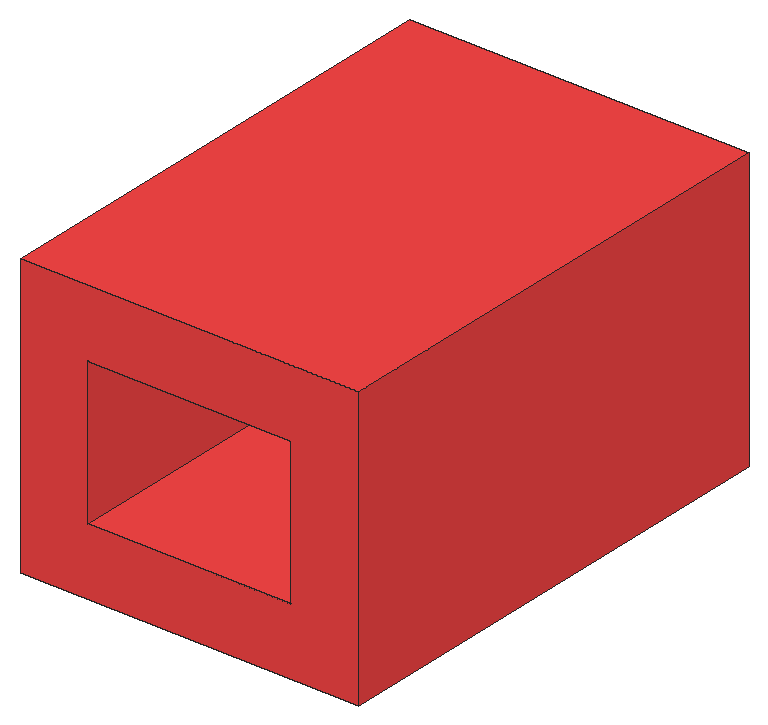
Revit family "E_FF108 Cable Basket Sleeve", category Specialty Equipment, Revit 2015
Parameters (values of type "75 x 54mm")
  Width = 75 mm
  URL = "https://www.tenmat.com/passive-fire-protection"
  Type Comments = "To be filled with 20 x 180mm Infill sheet supplied at 1000m Lengths"
  Thickness_Calc [instance] = if(Thickness < 30 mm, if(Thickness > 25 mm, Thickness, 25 mm), 30 mm)  # 25 mm
  Tenmat Item Number = ""
  Youtube clip = ""
  Height = 54 mm
  Material Suitability = ""
  Performance = "BS EN 1366-3:2009 & BS 476, ETA-12/0332, 1224-CPR-0341, CE Marked"
  Model = ""
  Material = "Intumescent Sealant"
  Manufacturer = "Tenmat ltd"
  Length = 180 mm
  IFC Classification = "Building Element Proxy"
  Description = "FireFly 108 75x54mm Cable Basket sleeve"
  Thickness [instance] = 25 mm
  Assembly Code = ""
Types (8, lengths in mm): name | Width | Description
  75 x 54mm | 75 | "FireFly 108 75x54mm Cable Basket sleeve"
  100 x 54mm | 100 | "FireFly 108 100x54mm Cable Basket sleeve"
  150 x 54mm | 150 | "FireFly 108 150x54mm Cable Basket sleeve"
  200 x 54mm | 200 | "FireFly 108 200x54mm Cable Basket sleeve"
  250 x 54mm | 250 | "FireFly 108 250x54mm Cable Basket sleeve"
  300 x 54mm | 300 | "FireFly 108 300x54mm Cable Basket sleeve"
  400 x 54mm | 400 | "FireFly 108 400x54mm Cable Basket sleeve"
  450 x 54mm | 450 | "FireFly 108 450x54mm Cable Basket sleeve"
Reference planes
  plane 1 "Center (Front/Back)": y = 0
  plane 2: z = 0
  plane 3 "Center (Left/Right)": x = 0
  plane 4 "Back": y = 90
  plane 5 "Front": y = -90
  plane 6: y = 0.5
  plane 7: x = -37.5
  plane 8: x = 37.5
  plane 9: z = 27
  plane 10: z = -27
  plane 11: x = 62.5
  plane 12: x = -62.5
  plane 13: z = -52
  plane 14: z = 52
Forms (mm)
  Extrusion 1, solid, material "Tenmat"
    sketch origin (0, 0, 0) x (1, 0, 0) y (0, 0, 1)
      loop
        line (-37.5, 27) -> (-37.5, -27) -> (37.5, -27) -> (37.5, 27) -> (-37.5, 27)
      loop
        line (-62.5, -52) -> (62.5, -52) -> (62.5, 52) -> (-62.5, 52) -> (-62.5, -52)
    from -90 to 90
Dimensions and locks
  equal spacing: plane 4 "Back", plane 1 "Center (Front/Back)", plane 5 "Front"
  locked: plane 4 "Back" to plane 5 "Front" at 180
  equal spacing: plane 7, plane 3 "Center (Left/Right)", plane 8
  "Width": plane 7 to plane 8
  "Thickness": plane 11 to plane 8
  "Thickness": plane 14 to plane 9
  "Thickness": plane 10 to plane 13
  "Thickness": plane 12 to plane 7
  equal spacing: plane 9, level, plane 10
  "Height": plane 9 to plane 10
  aligned and locked: level to plane 2
  aligned and locked: Extrusion 1 sketch curve to plane 7
  aligned and locked: Extrusion 1 sketch curve to plane 8
  aligned and locked: Extrusion 1 sketch curve to plane 9
  aligned and locked: Extrusion 1 sketch curve to plane 10
  aligned and locked: plane 5 "Front" to Extrusion 1
  aligned and locked: plane 4 "Back" to Extrusion 1
  aligned and locked: Extrusion 1 sketch curve to plane 11
  aligned and locked: Extrusion 1 sketch curve to plane 14
  aligned and locked: Extrusion 1 sketch curve to plane 12
  aligned and locked: Extrusion 1 sketch curve to plane 13
